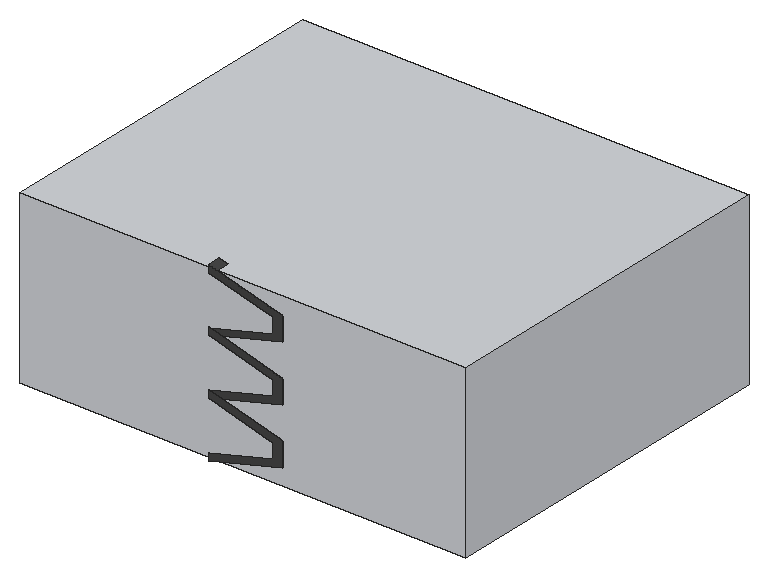
Revit family "AHU_Block_Universal", category Оборудование, Revit 2023
Family settings
  Размер круглого соединителя = Использовать диаметр
  Классификация = Нет
  Тип детали = Нормальный
  На основе рабочей плоскости = Нет
  Всегда вертикально = Да
  При загрузке вырезать с полостями = Нет
  Сохранять ориентацию аннотаций = Нет
  Общий = Да
  Точка принадлежности помещению = Нет
Parameters
  УГО [instance] = icon_Filter_wrapper : icon_Filter_wrapper
  Отметка по умолчанию = 0 mm
  Блоки отдельно в спецификации [instance] = yes
  ADSK_Размер_Ширина [instance] = 520.248 mm
  ADSK_Размер_Длина [instance] = 656.688 mm
  ADSK_Размер_Высота [instance] = 250 mm
  ADSK_Наименование = ""
  ADSK_Марка = ""
  ADSK_Количество [instance] = if(Блоки отдельно в спецификации, 1, 0)  # 1
  ADSK_Код изделия [instance] = ""
  ADSK_Завод-изготовитель [instance] = ""
  ADSK_Единица измерения = "шт."
Reference planes
  plane 1 "По центру (Вперед/Назад)": y = 0
  plane 2: z = 0
  plane 3 "По центру (Влево/Вправо)": x = 0
  plane 4: z = 250
  plane 5: z = 125
Forms (mm)
  Extrusion 1, solid
    sketch origin (17.984, -260.124, 0) x (1, 0, 0) y (0, 1, 0)
      loop
        line (-346.328, 520.248) -> (-346.328, 0) -> (310.36, 0) -> (310.36, 520.248) -> (-346.328, 520.248)
    from 0 to 250
Dimensions and locks
  Extrusion 1 sketch curve to plane 3 "По центру (Влево/Вправо)" to Extrusion 1 sketch curve = 328.344 mm, 328.344 mm
  "ADSK_Размер_Длина": Extrusion 1 to Extrusion 1
  "ADSK_Размер_Ширина": Extrusion 1 to Extrusion 1
  equal spacing: Extrusion 1, plane 1 "По центру (Вперед/Назад)", Extrusion 1
  equal spacing: Extrusion 1, plane 3 "По центру (Влево/Вправо)", Extrusion 1
  "ADSK_Размер_Высота": Extrusion 1 to level
  equal spacing: plane 4, plane 5, level
  "ADSK_Размер_Высота": plane 4 to level
  aligned and locked: level to plane 2
  aligned and locked: nested 1 to Extrusion 1
  aligned and locked: plane 3 "По центру (Влево/Вправо)" to nested 1
Automatic sketch dimensions
  plane 1 "По центру (Вперед/Назад)" to Extrusion 1 sketch curve = 260.124 mm
  Extrusion 1 sketch curve to plane 1 "По центру (Вперед/Назад)" = 260.124 mm
Nested families
  nested 1: "icon_Filter_wrapper" at (0, -250.124, 120.266), type <- "УГО", type "icon_Filter_wrapper"
Definition of nested family "icon_Filter_wrapper"
  Parameters (values of type "icon_Filter_wrapper")
    Default Elevation = 0 mm
    Height = 259 mm
  Reference planes
    plane 1 "По центру (Вперед/Назад)": y = 0
    plane 2: z = 0
    plane 3 "По центру (Влево/Вправо)": x = 0
  Dimensions and locks
    aligned and locked: level to plane 2
  Nested families
    nested 1: "icon_Filter" at (0, 0, 0), type "icon_Filter"
  Definition of nested family "icon_Filter"
    Parameters (values of type "icon_Filter")
      Default Elevation = 0 mm
      Height = 259 mm
    Reference planes
      plane 1 "По центру (Вперед/Назад)": y = 0
      plane 2: z = 0
      plane 3 "По центру (Влево/Вправо)": x = 0
    Forms (mm)
      Extrusion 1, solid
        sketch origin (212.761, 324.385, -205.757) x (1, 0, 0) y (0, 0, 1)
          loop
            line (-263.945, 328.462) -> (-168.945, 303.007) -> (-168.945, 281.232) -> (-263.945, 255.777) -> (-263.945, 245.424) -> (-154.924, 274.636) -> (-154.924, 309.602) -> (-263.945, 338.814) -> (-263.945, 328.462)
        from 314.385 to 334.385
      Extrusion 2, solid
        sketch origin (212.761, 324.385, -288.637) x (1, 0, 0) y (0, 0, 1)
          loop
            line (-263.945, 328.462) -> (-168.945, 303.007) -> (-168.945, 281.232) -> (-263.945, 255.777) -> (-263.945, 245.424) -> (-154.924, 274.636) -> (-154.924, 309.602) -> (-263.945, 338.814) -> (-263.945, 328.462)
        from 314.385 to 334.385
      Extrusion 3, solid
        sketch origin (212.761, 324.385, -371.517) x (1, 0, 0) y (0, 0, 1)
          loop
            line (-263.945, 328.462) -> (-168.945, 303.007) -> (-168.945, 281.232) -> (-263.945, 255.777) -> (-263.945, 245.424) -> (-154.924, 274.636) -> (-154.924, 309.602) -> (-263.945, 338.814) -> (-263.945, 328.462)
        from 314.385 to 334.385
    Dimensions and locks
      Extrusion 1 sketch curve to Extrusion 1 sketch curve = 10 mm
      Extrusion 1 sketch curve to Extrusion 1 sketch curve = 14.021 mm  (x2)
      Extrusion 2 sketch curve to Extrusion 2 sketch curve = 10 mm
      Extrusion 2 sketch curve to Extrusion 2 sketch curve = 14.021 mm  (x2)
      Extrusion 3 sketch curve to Extrusion 3 sketch curve = 10 mm
      Extrusion 3 sketch curve to Extrusion 3 sketch curve = 14.021 mm  (x2)
      aligned and locked: level to plane 2
